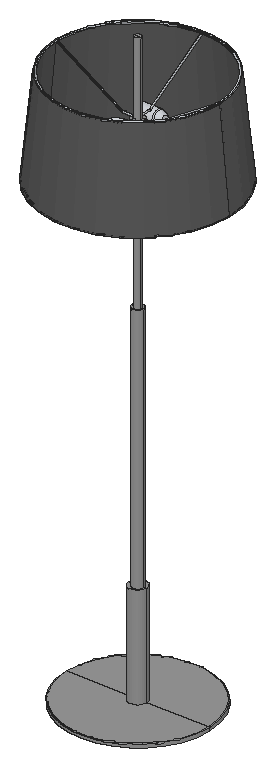
Revit family "Indoor_Floor Lamp_Santa&Cole_Diana-Diana Mayor", category Luminarias, Revit 2018
Family settings
  Cota de conector redondo = Diámetro de uso
  Tipo de pieza = Normal
  Número OmniClass = 23.80.70.00
  Título OmniClass = Lighting
  Se basa en plano de trabajo = No
  Siempre vertical = Sí
  Corte con vacíos al cargar = No
  Origen de luz = Sí
  Compartido = No
  Punto de cálculo de habitación = No
Parameters (values of type "Diana - Black Linen Lampshade with Nickel Structure")
  Visibility_Diana Mayor = no
  Visibility_Diana = yes
  Wattage = 10.2395 W
  Technical Information = "https://www.santacole.com/recursos/productos/downloads/pdf_espec_tecnicas/SC_Diana_pie_data%20sheet.pdf"
  Structure Material = Santa & Cole - Nickel
  Second Bulb = Bulb : 1521 lm
  built-in parameter 1150110 = 1 (stored number, unit not read)
  URL = "https://www.santacole.com/en/catalogue/floor-lamps/diana-diana-mayor"
  Manufacturer website = "http://www.santacole.com"
  Light Source Elevation = 1264 mm
  Lampshade Material = Santa & Cole - Black Linen
  built-in parameter 1114217 = 1 (stored number, unit not read)
  built-in parameter 1150109 = 1 (stored number, unit not read)
  Energy Label = "https://www.santacole.com/recursos/productos/downloads/pdf_energy_label/Energy%20Label_DIANA_without_bulb.pdf"
  Designed by = "Federico Correa, Alfonso Milá, Miguel Milá. 1995"
  Contact phone = "+34.938.619.100"
  Contact e-mail = "info@santacole.com"
  built-in parameter 1150134 = (empty or 0)
  built-in parameter 1150113 = 1 (stored number, unit not read)
  Modelo = "Diana"
  Fabricante = "Santa & Cole"
  Lumens = 1521 lm
  built-in parameter 1150115 = 1 (stored number, unit not read)
  built-in parameter 1150105 = 121.04 (stored number, unit not read)
  Load = 12 W
  Tamaño de símbolo de origen de luz = 50 mm  # constant formula
  built-in parameter 1150137 = (empty or 0)
  built-in parameter 1150139 = (empty or 0)
  built-in parameter 1150112 = 1 (stored number, unit not read)
  built-in parameter 1150114 = 1 (stored number, unit not read)
  Lamp = ""
  built-in parameter 1150132 = 2
  built-in parameter 1150102 = (empty or 0)
  built-in parameter 1150138 = (empty or 0)
  built-in parameter 1150107 = 2700 (stored number, unit not read)
  built-in parameter 1150106 = 1.2104 (stored number, unit not read)
  built-in parameter 1150104 = 13.8 (stored number, unit not read)
  Code = "DIA21/DIA213+DIAMx"
  Dimming Lamp Color Temperature Shift = (empty or 0)
  Color Filter = 16777215
  built-in parameter 1114218 = 1 (stored number, unit not read)
  Assembly instructions - UL = "https://www.santacole.com/recursos/productos/downloads/pdf_montaje/DIANA_Pie_im_UL.pdf"
  Assembly instructions - CE = "https://www.santacole.com/recursos/productos/downloads/pdf_montaje/DIANA_Pie_im.pdf"
  built-in parameter 1150133 = 10 (stored number, unit not read)
  Apparent Load = 12 VA
Types (8, lengths in mm): name | Visibility_Diana Mayor | Visibility_Diana | Structure Material | Light Source Elevation | Lampshade Material | Code
  Diana - Black Linen Lampshade with Brass Structure | no | yes | Santa & Cole - Brass | 1264 | Santa & Cole - Black Linen | "DIA31/DIA313+DIAGx"
  Diana - Black Linen Lampshade with Nickel Structure | no | yes | Santa & Cole - Nickel | 1264 | Santa & Cole - Black Linen | "DIA21/DIA213+DIAMx"
  Diana - White Linen Lampshade with Nickel Structure | no | yes | Santa & Cole - Nickel | 1264 | Santa & Cole - White Linen | "DIA21/DIA213+DIAMx"
  Diana - White Linen Lampshade with Brass Structure | no | yes | Santa & Cole - Brass | 1264 | Santa & Cole - White Linen | "DIA21/DIA213+DIAMx"
  Diana Mayor - White Linen Lampshade with Brass Structure | yes | no | Santa & Cole - Brass | 1552 | Santa & Cole - White Linen | "DIA31/DIA313+DIAGx"
  Diana Mayor - White Linen Lampshade with Nickel Structure | yes | no | Santa & Cole - Nickel | 1552 | Santa & Cole - White Linen | "DIA31/DIA313+DIAGx"
  Diana Mayor - Black Linen Lampshade with Brass Structure | yes | no | Santa & Cole - Brass | 1552 | Santa & Cole - Black Linen | "DIA31/DIA313+DIAGx"
  Diana Mayor - Black Linen Lampshade with Nickel Structure | yes | no | Santa & Cole - Nickel | 1552 | Santa & Cole - Black Linen | "DIA31/DIA313+DIAGx"
Reference planes
  plane 1 "Light Source Axis (F/B)": y = 0
  plane 2: z = 0
  plane 3 "Light Source Axis (L/R)": x = 0
  plane 4 "Light Source Elevation": z = 1264
  plane 5 "Bombillas": z = 1263.765
  plane 6 "Bombilla 2": z = 1551.5
  plane 7 "Bombillas": z = 1263.765
  plane 8 "Bombilla 2": z = 1551.5
Forms (mm)
  Revolve 1, solid, material "Santa & Cole - Nickel" <- "Structure Material", visible <- "Visibility_Diana"
    sketch origin (0, 0, 0) x (1, 0, 0) y (0, 0, 1)
      loop
        arc (-174.291, 9) -> (-175.069, 8.678) -> (-175.391, 7.9) r 1.1
        line (-175.391, 7.9) -> (-175.391, 0) -> (0, 0) -> (0, 1464.015) -> (-7.987, 1464.015) -> (-7.987, 1284.013) -> (-15.982, 1284.013) -> (-15.982, 1214.512) -> (-7.661, 1214.512) -> (-7.661, 869.509) -> (-14.129, 869.509) -> (-14.129, 259.503) -> (-21.64, 259.503) -> (-21.64, 9) -> (-174.291, 9)
      axis (0, 0) -> (0, 1464.015)
    angle from 0 to 360
  Sweep 2, solid, visible <- "Visibility_Diana"
    path origin (0, 0, 0) x (1, 0, 0) y (0, 0, 1)
      loop
        line (10.251, 1284.013) -> (35.142, 1284.013)
        arc (35.142, 1284.013) -> (36.904, 1284.259) -> (38.532, 1284.977) r 6.442
        line (38.532, 1284.977) -> (197.127, 1383.126)
    profile origin (22.696, 0, 1284.013) x (0, 0, 1) y (0, -1, 0)
      loop
        circle (1.5, 0) r 1.5
  Sweep 3, solid, visible <- "Visibility_Diana"
    path origin (0, 0, 0) x (0, 1, 0) y (0, 0, 1)
      loop
        line (10.251, 1284.013) -> (35.142, 1284.013)
        arc (35.142, 1284.013) -> (36.904, 1284.259) -> (38.532, 1284.977) r 6.442
        line (38.532, 1284.977) -> (197.127, 1383.126)
    profile origin (0, 22.696, 1284.013) x (0, 0, 1) y (1, 0, 0)
      loop
        circle (1.5, 0) r 1.5
  Sweep 4, solid, visible <- "Visibility_Diana"
    path origin (0, 0, 0) x (-1, 0, 0) y (0, 0, 1)
      loop
        line (10.251, 1284.013) -> (35.142, 1284.013)
        arc (35.142, 1284.013) -> (36.904, 1284.259) -> (38.532, 1284.977) r 6.442
        line (38.532, 1284.977) -> (197.127, 1383.126)
    profile origin (-22.696, 0, 1284.013) x (0, 0, 1) y (0, 1, 0)
      loop
        circle (1.5, 0) r 1.5
  Sweep 5, solid, visible <- "Visibility_Diana"
    path origin (0, 0, 0) x (0, -1, 0) y (0, 0, 1)
      loop
        line (10.251, 1284.013) -> (35.142, 1284.013)
        arc (35.142, 1284.013) -> (36.904, 1284.259) -> (38.532, 1284.977) r 6.442
        line (38.532, 1284.977) -> (197.127, 1383.126)
    profile origin (0, -22.696, 1284.013) x (0, 0, 1) y (-1, 0, 0)
      loop
        circle (1.5, 0) r 1.5
  Revolve 6, solid, visible <- "Visibility_Diana"
    sketch origin (0, 0, 0) x (1, 0, 0) y (0, 0, 1)
      loop
        circle (198, 1385.514) r 2
      loop
        circle (222.998, 1149.512) r 2
      axis (0, 1149.512) -> (0, 1385.514)
    angle from 0 to 360
  Revolve 7, solid, material "Santa & Cole - Black Linen" <- "Lampshade Material", visible <- "Visibility_Diana"
    sketch origin (0, 0, 0) x (1, 0, 0) y (0, 0, 1)
      loop
        line (199.788, 1387.514) -> (225.21, 1147.512) -> (226.01, 1147.512) -> (200.588, 1387.514) -> (199.788, 1387.514)
      axis (0, 1147.512) -> (0, 1387.514)
    angle from 0 to 360
  Revolve 8, solid, visible <- "Visibility_Diana"
    sketch origin (0, 0, 1263.765) x (-1, 0, 0) y (0, -1, 0)
      loop
        line (34.5, -71.624) -> (34.5, -52.5) -> (-23.5, -52.5) -> (-23.5, -62.802)
        arc (-23.5, -62.802) -> (-17.054, -67.973) -> (-9, -69.821) r 18.495
        line (-9, -69.821) -> (-7.8, -71.624) -> (34.5, -71.624)
      axis (-23.5, -52.5) -> (34.5, -52.5)
    angle from 0 to 360
  Sweep 9, solid, visible <- "Visibility_Diana"
    path origin (0, 0, 1263.765) x (-1, 0, 0) y (0, -1, 0)
      loop
        line (-12.991, 5.085) -> (-32.491, 5.085)
        arc (-32.491, 5.085) -> (-63.781, -26.205) -> (-32.491, -57.495) r 31.29
        line (-32.491, -57.495) -> (-13.452, -57.495)
    profile origin (22.741, -5.085, 1263.765) x (0, 1, 0) y (0, 0, 1)
      loop
        circle (5, 0) r 5
  Revolve 10, solid, visible <- "Visibility_Diana"
    sketch origin (0, 0, 1263.765) x (1, 0, 0) y (0, 1, 0)
      loop
        line (34.5, -71.624) -> (34.5, -52.5) -> (-23.5, -52.5) -> (-23.5, -62.802)
        arc (-23.5, -62.802) -> (-17.054, -67.973) -> (-9, -69.821) r 18.495
        line (-9, -69.821) -> (-7.8, -71.624) -> (34.5, -71.624)
      axis (-23.5, -52.5) -> (34.5, -52.5)
    angle from 0 to 360
  Sweep 11, solid, visible <- "Visibility_Diana"
    path origin (0, 0, 1263.765) x (1, 0, 0) y (0, 1, 0)
      loop
        line (-12.991, 5.085) -> (-32.491, 5.085)
        arc (-32.491, 5.085) -> (-63.781, -26.205) -> (-32.491, -57.495) r 31.29
        line (-32.491, -57.495) -> (-13.452, -57.495)
    profile origin (-22.741, 5.085, 1263.765) x (0, -1, 0) y (0, 0, 1)
      loop
        circle (5, 0) r 5
  Revolve 12, solid, material "Santa & Cole - Nickel" <- "Structure Material", visible <- "Visibility_Diana Mayor"
    sketch origin (0, 0, 0) x (1, 0, 0) y (0, 0, 1)
      loop
        line (-200, 9) -> (-200, 0) -> (0, 0) -> (0, 1823) -> (-8, 1823) -> (-8, 1573) -> (-16, 1573) -> (-16, 1502.5) -> (-8, 1502.5) -> (-8, 1157.5) -> (-15, 1157.5) -> (-15, 409.5) -> (-22.5, 409.5) -> (-22.5, 9) -> (-200, 9)
      axis (0, 1823) -> (0, 0)
    angle from 0 to 360
  Sweep 13, solid, visible <- "Visibility_Diana Mayor"
    path origin (0, 0, 0) x (1, 0, 0) y (0, 0, 1)
      loop
        line (261.865, 1719.651) -> (38.803, 1574.057)
        arc (38.803, 1574.057) -> (37.103, 1573.27) -> (35.25, 1573) r 6.5
        line (35.25, 1573) -> (10.255, 1573)
    profile origin (22.753, 0, 1573) x (0, 0, -1) y (0, -1, 0)
      loop
        circle (-1.5, 0) r 1.5
  Sweep 14, solid, visible <- "Visibility_Diana Mayor"
    path origin (0, 0, 0) x (0, 1, 0) y (0, 0, 1)
      loop
        line (261.865, 1719.651) -> (38.803, 1574.057)
        arc (38.803, 1574.057) -> (37.103, 1573.27) -> (35.25, 1573) r 6.5
        line (35.25, 1573) -> (10.255, 1573)
    profile origin (0, 22.753, 1573) x (0, 0, -1) y (1, 0, 0)
      loop
        circle (-1.5, 0) r 1.5
  Sweep 15, solid, visible <- "Visibility_Diana Mayor"
    path origin (0, 0, 0) x (-1, 0, 0) y (0, 0, 1)
      loop
        line (261.865, 1719.651) -> (38.803, 1574.057)
        arc (38.803, 1574.057) -> (37.103, 1573.27) -> (35.25, 1573) r 6.5
        line (35.25, 1573) -> (10.255, 1573)
    profile origin (-22.753, 0, 1573) x (0, 0, -1) y (0, 1, 0)
      loop
        circle (-1.5, 0) r 1.5
  Sweep 16, solid, visible <- "Visibility_Diana Mayor"
    path origin (0, 0, 0) x (0, -1, 0) y (0, 0, 1)
      loop
        line (261.865, 1719.651) -> (38.803, 1574.057)
        arc (38.803, 1574.057) -> (37.103, 1573.27) -> (35.25, 1573) r 6.5
        line (35.25, 1573) -> (10.255, 1573)
    profile origin (0, -22.753, 1573) x (0, 0, -1) y (-1, 0, 0)
      loop
        circle (-1.5, 0) r 1.5
  Revolve 17, solid, visible <- "Visibility_Diana Mayor"
    sketch origin (0, 0, 0) x (1, 0, 0) y (0, 0, 1)
      loop
        circle (287, 1416) r 2
      loop
        circle (262, 1722) r 2
      axis (0, 1722) -> (0, 1416)
    angle from 0 to 360
  Revolve 18, solid, material "Santa & Cole - Black Linen" <- "Lampshade Material", visible <- "Visibility_Diana Mayor"
    sketch origin (0, 0, 0) x (1, 0, 0) y (0, 0, 1)
      loop
        line (263.837, 1724) -> (289.163, 1414) -> (289.963, 1414) -> (264.637, 1724) -> (263.837, 1724)
      axis (0, 1724) -> (0, 1414)
    angle from 0 to 360
  Revolve 19, solid, visible <- "Visibility_Diana Mayor"
    sketch origin (0, 0, 1551.5) x (-1, 0, 0) y (0, -1, 0)
      loop
        line (34.5, -71.624) -> (34.5, -52.5) -> (-23.5, -52.5) -> (-23.5, -62.802)
        arc (-23.5, -62.802) -> (-17.054, -67.973) -> (-9, -69.821) r 18.495
        line (-9, -69.821) -> (-7.8, -71.624) -> (34.5, -71.624)
      axis (-23.5, -52.5) -> (34.5, -52.5)
    angle from 0 to 360
  Sweep 20, solid, visible <- "Visibility_Diana Mayor"
    path origin (0, 0, 1551.5) x (-1, 0, 0) y (0, -1, 0)
      loop
        line (-12.991, 5.085) -> (-32.491, 5.085)
        arc (-32.491, 5.085) -> (-63.781, -26.205) -> (-32.491, -57.495) r 31.29
        line (-32.491, -57.495) -> (-13.452, -57.495)
    profile origin (22.741, -5.085, 1551.5) x (0, 1, 0) y (0, 0, 1)
      loop
        circle (5, 0) r 5
  Revolve 21, solid, visible <- "Visibility_Diana Mayor"
    sketch origin (0, 0, 1551.5) x (-1, 0, 0) y (0, -1, 0)
      loop
        line (-34.5, 71.624) -> (-34.5, 52.5) -> (23.5, 52.5) -> (23.5, 62.802)
        arc (23.5, 62.802) -> (17.054, 67.973) -> (9, 69.821) r 18.495
        line (9, 69.821) -> (7.8, 71.624) -> (-34.5, 71.624)
      axis (23.5, 52.5) -> (-34.5, 52.5)
    angle from 0 to 360
  Sweep 22, solid, visible <- "Visibility_Diana Mayor"
    path origin (0, 0, 1551.5) x (-1, 0, 0) y (0, -1, 0)
      loop
        line (12.991, -5.085) -> (32.491, -5.085)
        arc (32.491, -5.085) -> (63.781, 26.205) -> (32.491, 57.495) r 31.29
        line (32.491, 57.495) -> (13.452, 57.495)
    profile origin (-22.741, 5.085, 1551.5) x (0, -1, 0) y (0, 0, 1)
      loop
        circle (5, 0) r 5
  Sweep 23, solid, visible <- "Visibility_Diana Mayor", not visible
    path origin (0, 0, 0) x (1, 0, 0) y (0, 0, 1)
      loop
        line (261.865, 1719.651) -> (38.803, 1574.057)
        arc (38.803, 1574.057) -> (37.103, 1573.27) -> (35.25, 1573) r 6.5
        line (35.25, 1573) -> (10.255, 1573)
    profile origin (22.753, 0, 1573) x (0, 0, -1) y (0, -1, 0)
      loop
        circle (-1.5, 0) r 1.5
  Sweep 24, solid, visible <- "Visibility_Diana", not visible
    path origin (0, 0, 0) x (1, 0, 0) y (0, 0, 1)
      loop
        line (10.251, 1284.013) -> (35.142, 1284.013)
        arc (35.142, 1284.013) -> (36.904, 1284.259) -> (38.532, 1284.977) r 6.442
        line (38.532, 1284.977) -> (197.127, 1383.126)
    profile origin (22.696, 0, 1284.013) x (0, 0, 1) y (0, -1, 0)
      loop
        circle (1.5, 0) r 1.5
  Revolve 25, solid, material "Santa & Cole - Nickel" <- "Structure Material", visible <- "Visibility_Diana", not visible
    sketch origin (0, 0, 0) x (1, 0, 0) y (0, 0, 1)
      loop
        arc (-174.291, 9) -> (-175.069, 8.678) -> (-175.391, 7.9) r 1.1
        line (-175.391, 7.9) -> (-175.391, 0) -> (0, 0) -> (0, 1464.015) -> (-7.987, 1464.015) -> (-7.987, 1284.013) -> (-15.982, 1284.013) -> (-15.982, 1214.512) -> (-7.661, 1214.512) -> (-7.661, 869.509) -> (-14.129, 869.509) -> (-14.129, 259.503) -> (-21.64, 259.503) -> (-21.64, 9) -> (-174.291, 9)
      axis (0, 0) -> (0, 1464.015)
    angle from 0 to 360
  Sweep 26, solid, visible <- "Visibility_Diana", not visible
    path origin (0, 0, 0) x (1, 0, 0) y (0, 0, 1)
      loop
        line (10.251, 1284.013) -> (35.142, 1284.013)
        arc (35.142, 1284.013) -> (36.904, 1284.259) -> (38.532, 1284.977) r 6.442
        line (38.532, 1284.977) -> (197.127, 1383.126)
    profile origin (22.696, 0, 1284.013) x (0, 0, 1) y (0, -1, 0)
      loop
        circle (1.5, 0) r 1.5
  Sweep 27, solid, visible <- "Visibility_Diana", not visible
    path origin (0, 0, 0) x (0, 1, 0) y (0, 0, 1)
      loop
        line (10.251, 1284.013) -> (35.142, 1284.013)
        arc (35.142, 1284.013) -> (36.904, 1284.259) -> (38.532, 1284.977) r 6.442
        line (38.532, 1284.977) -> (197.127, 1383.126)
    profile origin (0, 22.696, 1284.013) x (0, 0, 1) y (1, 0, 0)
      loop
        circle (1.5, 0) r 1.5
  Sweep 28, solid, visible <- "Visibility_Diana", not visible
    path origin (0, 0, 0) x (-1, 0, 0) y (0, 0, 1)
      loop
        line (10.251, 1284.013) -> (35.142, 1284.013)
        arc (35.142, 1284.013) -> (36.904, 1284.259) -> (38.532, 1284.977) r 6.442
        line (38.532, 1284.977) -> (197.127, 1383.126)
    profile origin (-22.696, 0, 1284.013) x (0, 0, 1) y (0, 1, 0)
      loop
        circle (1.5, 0) r 1.5
  Sweep 29, solid, visible <- "Visibility_Diana", not visible
    path origin (0, 0, 0) x (0, -1, 0) y (0, 0, 1)
      loop
        line (10.251, 1284.013) -> (35.142, 1284.013)
        arc (35.142, 1284.013) -> (36.904, 1284.259) -> (38.532, 1284.977) r 6.442
        line (38.532, 1284.977) -> (197.127, 1383.126)
    profile origin (0, -22.696, 1284.013) x (0, 0, 1) y (-1, 0, 0)
      loop
        circle (1.5, 0) r 1.5
  Revolve 30, solid, visible <- "Visibility_Diana", not visible
    sketch origin (0, 0, 0) x (1, 0, 0) y (0, 0, 1)
      loop
        circle (198, 1385.514) r 2
      loop
        circle (222.998, 1149.512) r 2
      axis (0, 1149.512) -> (0, 1385.514)
    angle from 0 to 360
  Revolve 31, solid, material "Santa & Cole - Black Linen" <- "Lampshade Material", visible <- "Visibility_Diana", not visible
    sketch origin (0, 0, 0) x (1, 0, 0) y (0, 0, 1)
      loop
        line (199.788, 1387.514) -> (225.21, 1147.512) -> (226.01, 1147.512) -> (200.588, 1387.514) -> (199.788, 1387.514)
      axis (0, 1147.512) -> (0, 1387.514)
    angle from 0 to 360
  Revolve 32, solid, visible <- "Visibility_Diana", not visible
    sketch origin (0, 0, 1263.765) x (-1, 0, 0) y (0, -1, 0)
      loop
        line (34.5, -71.624) -> (34.5, -52.5) -> (-23.5, -52.5) -> (-23.5, -62.802)
        arc (-23.5, -62.802) -> (-17.054, -67.973) -> (-9, -69.821) r 18.495
        line (-9, -69.821) -> (-7.8, -71.624) -> (34.5, -71.624)
      axis (-23.5, -52.5) -> (34.5, -52.5)
    angle from 0 to 360
  Sweep 33, solid, visible <- "Visibility_Diana", not visible
    path origin (0, 0, 1263.765) x (-1, 0, 0) y (0, -1, 0)
      loop
        line (-12.991, 5.085) -> (-32.491, 5.085)
        arc (-32.491, 5.085) -> (-63.781, -26.205) -> (-32.491, -57.495) r 31.29
        line (-32.491, -57.495) -> (-13.452, -57.495)
    profile origin (22.741, -5.085, 1263.765) x (0, 1, 0) y (0, 0, 1)
      loop
        circle (5, 0) r 5
  Revolve 34, solid, visible <- "Visibility_Diana", not visible
    sketch origin (0, 0, 1263.765) x (1, 0, 0) y (0, 1, 0)
      loop
        line (34.5, -71.624) -> (34.5, -52.5) -> (-23.5, -52.5) -> (-23.5, -62.802)
        arc (-23.5, -62.802) -> (-17.054, -67.973) -> (-9, -69.821) r 18.495
        line (-9, -69.821) -> (-7.8, -71.624) -> (34.5, -71.624)
      axis (-23.5, -52.5) -> (34.5, -52.5)
    angle from 0 to 360
  Sweep 35, solid, visible <- "Visibility_Diana", not visible
    path origin (0, 0, 1263.765) x (1, 0, 0) y (0, 1, 0)
      loop
        line (-12.991, 5.085) -> (-32.491, 5.085)
        arc (-32.491, 5.085) -> (-63.781, -26.205) -> (-32.491, -57.495) r 31.29
        line (-32.491, -57.495) -> (-13.452, -57.495)
    profile origin (-22.741, 5.085, 1263.765) x (0, -1, 0) y (0, 0, 1)
      loop
        circle (5, 0) r 5
  Revolve 36, solid, material "Santa & Cole - Nickel" <- "Structure Material", visible <- "Visibility_Diana Mayor", not visible
    sketch origin (0, 0, 0) x (1, 0, 0) y (0, 0, 1)
      loop
        line (-200, 9) -> (-200, 0) -> (0, 0) -> (0, 1823) -> (-8, 1823) -> (-8, 1573) -> (-16, 1573) -> (-16, 1502.5) -> (-8, 1502.5) -> (-8, 1157.5) -> (-15, 1157.5) -> (-15, 409.5) -> (-22.5, 409.5) -> (-22.5, 9) -> (-200, 9)
      axis (0, 1823) -> (0, 0)
    angle from 0 to 360
  Sweep 37, solid, visible <- "Visibility_Diana Mayor", not visible
    path origin (0, 0, 0) x (1, 0, 0) y (0, 0, 1)
      loop
        line (261.865, 1719.651) -> (38.803, 1574.057)
        arc (38.803, 1574.057) -> (37.103, 1573.27) -> (35.25, 1573) r 6.5
        line (35.25, 1573) -> (10.255, 1573)
    profile origin (22.753, 0, 1573) x (0, 0, -1) y (0, -1, 0)
      loop
        circle (-1.5, 0) r 1.5
  Sweep 38, solid, visible <- "Visibility_Diana Mayor", not visible
    path origin (0, 0, 0) x (0, 1, 0) y (0, 0, 1)
      loop
        line (261.865, 1719.651) -> (38.803, 1574.057)
        arc (38.803, 1574.057) -> (37.103, 1573.27) -> (35.25, 1573) r 6.5
        line (35.25, 1573) -> (10.255, 1573)
    profile origin (0, 22.753, 1573) x (0, 0, -1) y (1, 0, 0)
      loop
        circle (-1.5, 0) r 1.5
  Sweep 39, solid, visible <- "Visibility_Diana Mayor", not visible
    path origin (0, 0, 0) x (-1, 0, 0) y (0, 0, 1)
      loop
        line (261.865, 1719.651) -> (38.803, 1574.057)
        arc (38.803, 1574.057) -> (37.103, 1573.27) -> (35.25, 1573) r 6.5
        line (35.25, 1573) -> (10.255, 1573)
    profile origin (-22.753, 0, 1573) x (0, 0, -1) y (0, 1, 0)
      loop
        circle (-1.5, 0) r 1.5
  Sweep 40, solid, visible <- "Visibility_Diana Mayor", not visible
    path origin (0, 0, 0) x (0, -1, 0) y (0, 0, 1)
      loop
        line (261.865, 1719.651) -> (38.803, 1574.057)
        arc (38.803, 1574.057) -> (37.103, 1573.27) -> (35.25, 1573) r 6.5
        line (35.25, 1573) -> (10.255, 1573)
    profile origin (0, -22.753, 1573) x (0, 0, -1) y (-1, 0, 0)
      loop
        circle (-1.5, 0) r 1.5
  Revolve 41, solid, visible <- "Visibility_Diana Mayor", not visible
    sketch origin (0, 0, 0) x (1, 0, 0) y (0, 0, 1)
      loop
        circle (287, 1416) r 2
      loop
        circle (262, 1722) r 2
      axis (0, 1722) -> (0, 1416)
    angle from 0 to 360
  Revolve 42, solid, material "Santa & Cole - Black Linen" <- "Lampshade Material", visible <- "Visibility_Diana Mayor", not visible
    sketch origin (0, 0, 0) x (1, 0, 0) y (0, 0, 1)
      loop
        line (263.837, 1724) -> (289.163, 1414) -> (289.963, 1414) -> (264.637, 1724) -> (263.837, 1724)
      axis (0, 1724) -> (0, 1414)
    angle from 0 to 360
  Revolve 43, solid, visible <- "Visibility_Diana Mayor", not visible
    sketch origin (0, 0, 1551.5) x (-1, 0, 0) y (0, -1, 0)
      loop
        line (34.5, -71.624) -> (34.5, -52.5) -> (-23.5, -52.5) -> (-23.5, -62.802)
        arc (-23.5, -62.802) -> (-17.054, -67.973) -> (-9, -69.821) r 18.495
        line (-9, -69.821) -> (-7.8, -71.624) -> (34.5, -71.624)
      axis (-23.5, -52.5) -> (34.5, -52.5)
    angle from 0 to 360
  Sweep 44, solid, visible <- "Visibility_Diana Mayor", not visible
    path origin (0, 0, 1551.5) x (-1, 0, 0) y (0, -1, 0)
      loop
        line (-12.991, 5.085) -> (-32.491, 5.085)
        arc (-32.491, 5.085) -> (-63.781, -26.205) -> (-32.491, -57.495) r 31.29
        line (-32.491, -57.495) -> (-13.452, -57.495)
    profile origin (22.741, -5.085, 1551.5) x (0, 1, 0) y (0, 0, 1)
      loop
        circle (5, 0) r 5
  Revolve 45, solid, visible <- "Visibility_Diana Mayor", not visible
    sketch origin (0, 0, 1551.5) x (-1, 0, 0) y (0, -1, 0)
      loop
        line (-34.5, 71.624) -> (-34.5, 52.5) -> (23.5, 52.5) -> (23.5, 62.802)
        arc (23.5, 62.802) -> (17.054, 67.973) -> (9, 69.821) r 18.495
        line (9, 69.821) -> (7.8, 71.624) -> (-34.5, 71.624)
      axis (23.5, 52.5) -> (-34.5, 52.5)
    angle from 0 to 360
  Sweep 46, solid, visible <- "Visibility_Diana Mayor", not visible
    path origin (0, 0, 1551.5) x (-1, 0, 0) y (0, -1, 0)
      loop
        line (12.991, -5.085) -> (32.491, -5.085)
        arc (32.491, -5.085) -> (63.781, 26.205) -> (32.491, 57.495) r 31.29
        line (32.491, 57.495) -> (13.452, 57.495)
    profile origin (-22.741, 5.085, 1551.5) x (0, -1, 0) y (0, 0, 1)
      loop
        circle (5, 0) r 5
Lines and regions (mm)
  model lines, style "Predeterminado", not visible
    curve 1: line (0, -3.75, 375) -> (0, 3.75, 375)
    curve 2: line (0, 3.75, 375) -> (0, -3.75, 375)
    curve 3: line (0, 15, 86.75) -> (0, -15, 86.75)
    curve 4: line (0, -10, 65) -> (0, -15, 82.176)
    curve 5: line (0, -10, 25) -> (0, -10, 65)
    curve 6: line (0, 6.344, 17.27) -> (0, 10, 25)
    curve 7: line (0, -1.951, 15.192) -> (0, 6.344, 17.27)
    curve 8: line (0, -10, 25) -> (0, -1.951, 15.192)
    curve 9: line (0, 10, 25) -> (0, 10, 65)
    curve 10: line (0, 15, 82.176) -> (0, 10, 65)
    curve 11: line (0, 15, 86.75) -> (0, -15, 86.75)
  model lines
    curve 12: line (-13.007, -3.971, 0) -> (-13.007, 3.971, 0)
    curve 13: line (32.5, 57.5, 1263.765) -> (34.177, 58.719, 1263.765)
  model lines, not visible
    curve 14: line (-13.007, -3.971, 0) -> (-13.007, 3.971, 0)
    curve 15: line (32.5, 57.5, 1263.765) -> (34.177, 58.719, 1263.765)
Dimensions and locks
  "Light Source Elevation": plane 4 "Light Source Elevation" to plane 2
  aligned and locked: plane 4 "Light Source Elevation" to imposter light
  aligned and locked: level to plane 2
Automatic sketch dimensions
  Revolve 1 sketch curve to plane 5 "Bombillas" = 1263.765 mm
  Revolve 1 sketch curve to Revolve 1 sketch curve = 1.1 mm
  Revolve 1 sketch curve to Revolve 1 sketch curve = 152.651 mm
  plane 5 "Bombillas" to Revolve 1 sketch curve = 20.248 mm
  Revolve 1 sketch curve to Revolve 1 sketch curve = 5.658 mm
  Revolve 1 sketch curve to Revolve 1 sketch curve = 1.853 mm
  Revolve 1 sketch curve to Revolve 1 sketch curve = 7.994 mm
  Revolve 1 sketch curve to Revolve 1 sketch curve = 8.321 mm
  Revolve 1 sketch curve to Revolve 1 sketch curve = 7.987 mm
  Revolve 1 sketch curve to Revolve 1 sketch curve = 7.9 mm
  Revolve 1 sketch curve to Revolve 1 sketch curve = 250.503 mm
  Revolve 1 sketch curve to plane 5 "Bombillas" = 394.256 mm
  Revolve 1 sketch curve to plane 5 "Bombillas" = 49.253 mm
  Revolve 1 sketch curve to plane 6 "Bombilla 2" = 87.485 mm
  Revolve 1 sketch curve to Revolve 1 sketch curve = 7.661 mm
  Revolve 1 sketch curve to Revolve 1 sketch curve = 165.691 mm
  plane 6 "Bombilla 2" to Revolve 1 sketch curve = 93.3 mm
  plane 5 "Bombillas" to Revolve 6 sketch curve = 121.749 mm
  Revolve 6 sketch curve to plane 5 "Bombillas" = 114.254 mm
  Revolve 6 sketch curve to Revolve 6 sketch curve = 24.998 mm
  Revolve 6 sketch curve to Revolve 6 sketch curve = 222.998 mm
  Revolve 6 sketch curve to plane 5 "Bombillas" = 228.565 mm
  plane 6 "Bombilla 2" to Revolve 6 sketch curve = 93.3 mm
  plane 5 "Bombillas" to Revolve 7 sketch curve = 123.749 mm
  Revolve 7 sketch curve to Revolve 7 sketch curve = 0.8 mm  (x2)
  Revolve 7 sketch curve to plane 5 "Bombillas" = 116.254 mm
  Revolve 7 sketch curve to Revolve 7 sketch curve = 24.621 mm
  plane 6 "Bombilla 2" to Revolve 7 sketch curve = 93.3 mm
  Revolve 7 sketch curve to Revolve 7 sketch curve = 199.788 mm
  Revolve 7 sketch curve to plane 5 "Bombillas" = 228.565 mm
  Revolve 8 sketch curve to Revolve 8 sketch curve = 14.5 mm
  Revolve 8 sketch curve to Revolve 8 sketch curve = 14.505 mm
  Revolve 8 sketch curve to Revolve 8 sketch curve = 1.2 mm
  Revolve 8 sketch curve to Revolve 8 sketch curve = 43.495 mm
  Revolve 8 sketch curve to Revolve 8 sketch curve = 1.803 mm
  Revolve 8 sketch curve to Revolve 8 sketch curve = 7.02 mm
  Revolve 8 sketch curve to Revolve 8 sketch curve = 19.124 mm
  Revolve 8 sketch curve to Revolve 8 sketch curve = 0 mm  (x2)
  Revolve 8 sketch curve to Revolve 8 sketch curve = 18.637 mm
  Sweep 9 sketch curve to Sweep 9 sketch curve = 31.29 mm
  Sweep 9 sketch curve to Sweep 9 sketch curve = 19.039 mm
  Sweep 9 sketch curve to Sweep 9 sketch curve = 19.5 mm
  Sweep 9 sketch curve to plane 5 "Bombillas" = 0 mm
  Sweep 9 sketch curve to profile plane = 5 mm
  Revolve 10 sketch curve to Revolve 10 sketch curve = 14.5 mm
  Revolve 10 sketch curve to Revolve 10 sketch curve = 14.505 mm
  Revolve 10 sketch curve to Revolve 10 sketch curve = 1.2 mm
  Revolve 10 sketch curve to Revolve 10 sketch curve = 43.495 mm
  Revolve 10 sketch curve to Revolve 10 sketch curve = 1.803 mm
  Revolve 10 sketch curve to Revolve 10 sketch curve = 7.02 mm
  Revolve 10 sketch curve to Revolve 10 sketch curve = 19.124 mm
  Revolve 10 sketch curve to Revolve 10 sketch curve = 0 mm  (x2)
  Revolve 10 sketch curve to Revolve 10 sketch curve = 18.637 mm
  Sweep 11 sketch curve to Sweep 11 sketch curve = 31.29 mm
  Sweep 11 sketch curve to Sweep 11 sketch curve = 19.039 mm
  Sweep 11 sketch curve to Sweep 11 sketch curve = 19.5 mm
  Sweep 11 sketch curve to plane 5 "Bombillas" = 0 mm
  Sweep 11 sketch curve to profile plane = 5 mm
  Revolve 12 sketch curve to plane 5 "Bombillas" = 1254.765 mm
  Revolve 12 sketch curve to Revolve 12 sketch curve = 177.5 mm
  plane 6 "Bombilla 2" to Revolve 12 sketch curve = 21.5 mm
  Revolve 12 sketch curve to Revolve 12 sketch curve = 6.5 mm
  Revolve 12 sketch curve to Revolve 12 sketch curve = 7.5 mm
  Revolve 12 sketch curve to Revolve 12 sketch curve = 7 mm
  Revolve 12 sketch curve to Revolve 12 sketch curve = 8 mm  (x2)
  Revolve 12 sketch curve to Revolve 12 sketch curve = 9 mm
  Revolve 12 sketch curve to Revolve 12 sketch curve = 400.5 mm
  Revolve 12 sketch curve to plane 5 "Bombillas" = 106.265 mm
  Revolve 12 sketch curve to plane 6 "Bombilla 2" = 49 mm
  Revolve 12 sketch curve to Revolve 12 sketch curve = 250 mm
  Revolve 12 sketch curve to Revolve 12 sketch curve = 0 mm
  Revolve 12 sketch curve to Revolve 12 sketch curve = 271.696 mm
  Revolve 12 sketch curve to Revolve 12 sketch curve = 120.374 mm
  plane 6 "Bombilla 2" to Revolve 17 sketch curve = 170.5 mm
  Revolve 17 sketch curve to plane 6 "Bombilla 2" = 135.5 mm
  Revolve 17 sketch curve to Revolve 17 sketch curve = 25 mm
  Revolve 17 sketch curve to Revolve 17 sketch curve = 287 mm
  Revolve 17 sketch curve to plane 5 "Bombillas" = 1535.461 mm
  plane 6 "Bombilla 2" to Revolve 17 sketch curve = 151.126 mm
  plane 6 "Bombilla 2" to Revolve 18 sketch curve = 172.5 mm
  Revolve 18 sketch curve to Revolve 18 sketch curve = 0.8 mm  (x2)
  Revolve 18 sketch curve to plane 6 "Bombilla 2" = 137.5 mm
  Revolve 18 sketch curve to Revolve 18 sketch curve = 24.527 mm
  Revolve 18 sketch curve to Revolve 18 sketch curve = 289.163 mm
  Revolve 18 sketch curve to plane 5 "Bombillas" = 1535.461 mm
  plane 6 "Bombilla 2" to Revolve 18 sketch curve = 151.126 mm
  Revolve 19 sketch curve to Revolve 19 sketch curve = 14.5 mm
  Revolve 19 sketch curve to Revolve 19 sketch curve = 14.505 mm
  Revolve 19 sketch curve to Revolve 19 sketch curve = 1.2 mm
  Revolve 19 sketch curve to Revolve 19 sketch curve = 43.495 mm
  Revolve 19 sketch curve to Revolve 19 sketch curve = 1.803 mm
  Revolve 19 sketch curve to Revolve 19 sketch curve = 7.02 mm
  Revolve 19 sketch curve to Revolve 19 sketch curve = 19.124 mm
  Revolve 19 sketch curve to Revolve 19 sketch curve = 0 mm  (x2)
  Revolve 19 sketch curve to Revolve 19 sketch curve = 18.637 mm
  Sweep 20 sketch curve to Sweep 20 sketch curve = 31.29 mm
  Sweep 20 sketch curve to Sweep 20 sketch curve = 19.039 mm
  Sweep 20 sketch curve to Sweep 20 sketch curve = 19.5 mm
  Sweep 20 sketch curve to plane 6 "Bombilla 2" = 0 mm
  Sweep 20 sketch curve to profile plane = 5 mm
  Revolve 21 sketch curve to Revolve 21 sketch curve = 42.3 mm
  Revolve 21 sketch curve to Revolve 21 sketch curve = 1.195 mm
  Revolve 21 sketch curve to Revolve 21 sketch curve = 1.2 mm
  Revolve 21 sketch curve to Revolve 21 sketch curve = 14.505 mm
  Revolve 21 sketch curve to Revolve 21 sketch curve = 1.174 mm
  Revolve 21 sketch curve to Revolve 21 sketch curve = 10.302 mm
  Revolve 21 sketch curve to Revolve 21 sketch curve = 19.124 mm
  Revolve 21 sketch curve to Revolve 21 sketch curve = 18.637 mm
  Revolve 21 sketch curve to Revolve 21 sketch curve = 0 mm  (x2)
  Sweep 22 sketch curve to Sweep 22 sketch curve = 31.29 mm
  Sweep 22 sketch curve to Sweep 22 sketch curve = 19.039 mm
  Sweep 22 sketch curve to Sweep 22 sketch curve = 19.5 mm
  Sweep 22 sketch curve to plane 6 "Bombilla 2" = 0 mm
  Sweep 22 sketch curve to profile plane = 5 mm
  Revolve 25 sketch curve to plane 7 "Bombillas" = 1263.765 mm
  Revolve 25 sketch curve to Revolve 25 sketch curve = 1.1 mm
  Revolve 25 sketch curve to Revolve 25 sketch curve = 152.651 mm
  plane 7 "Bombillas" to Revolve 25 sketch curve = 20.248 mm
  Revolve 25 sketch curve to Revolve 25 sketch curve = 5.658 mm
  Revolve 25 sketch curve to Revolve 25 sketch curve = 1.853 mm
  Revolve 25 sketch curve to Revolve 25 sketch curve = 7.994 mm
  Revolve 25 sketch curve to Revolve 25 sketch curve = 8.321 mm
  Revolve 25 sketch curve to Revolve 25 sketch curve = 7.987 mm
  Revolve 25 sketch curve to Revolve 25 sketch curve = 7.9 mm
  Revolve 25 sketch curve to Revolve 25 sketch curve = 250.503 mm
  Revolve 25 sketch curve to plane 7 "Bombillas" = 394.256 mm
  Revolve 25 sketch curve to plane 7 "Bombillas" = 49.253 mm
  Revolve 25 sketch curve to plane 8 "Bombilla 2" = 87.485 mm
  Revolve 25 sketch curve to Revolve 25 sketch curve = 7.661 mm
  Revolve 25 sketch curve to Revolve 25 sketch curve = 165.691 mm
  plane 8 "Bombilla 2" to Revolve 25 sketch curve = 93.3 mm
  plane 7 "Bombillas" to Revolve 30 sketch curve = 121.749 mm
  Revolve 30 sketch curve to plane 7 "Bombillas" = 114.254 mm
  Revolve 30 sketch curve to Revolve 30 sketch curve = 24.998 mm
  Revolve 30 sketch curve to Revolve 30 sketch curve = 222.998 mm
  Revolve 30 sketch curve to plane 7 "Bombillas" = 228.565 mm
  plane 8 "Bombilla 2" to Revolve 30 sketch curve = 93.3 mm
  plane 7 "Bombillas" to Revolve 31 sketch curve = 123.749 mm
  Revolve 31 sketch curve to Revolve 31 sketch curve = 0.8 mm  (x2)
  Revolve 31 sketch curve to plane 7 "Bombillas" = 116.254 mm
  Revolve 31 sketch curve to Revolve 31 sketch curve = 24.621 mm
  plane 8 "Bombilla 2" to Revolve 31 sketch curve = 93.3 mm
  Revolve 31 sketch curve to Revolve 31 sketch curve = 199.788 mm
  Revolve 31 sketch curve to plane 7 "Bombillas" = 228.565 mm
  Revolve 32 sketch curve to Revolve 32 sketch curve = 14.5 mm
  Revolve 32 sketch curve to Revolve 32 sketch curve = 14.505 mm
  Revolve 32 sketch curve to Revolve 32 sketch curve = 1.2 mm
  Revolve 32 sketch curve to Revolve 32 sketch curve = 43.495 mm
  Revolve 32 sketch curve to Revolve 32 sketch curve = 1.803 mm
  Revolve 32 sketch curve to Revolve 32 sketch curve = 7.02 mm
  Revolve 32 sketch curve to Revolve 32 sketch curve = 19.124 mm
  Revolve 32 sketch curve to Revolve 32 sketch curve = 0 mm  (x2)
  Revolve 32 sketch curve to Revolve 32 sketch curve = 18.637 mm
  Sweep 33 sketch curve to Sweep 33 sketch curve = 31.29 mm
  Sweep 33 sketch curve to Sweep 33 sketch curve = 19.039 mm
  Sweep 33 sketch curve to Sweep 33 sketch curve = 19.5 mm
  Sweep 33 sketch curve to plane 7 "Bombillas" = 0 mm
  Sweep 33 sketch curve to profile plane = 5 mm
  Revolve 34 sketch curve to Revolve 34 sketch curve = 14.5 mm
  Revolve 34 sketch curve to Revolve 34 sketch curve = 14.505 mm
  Revolve 34 sketch curve to Revolve 34 sketch curve = 1.2 mm
  Revolve 34 sketch curve to Revolve 34 sketch curve = 43.495 mm
  Revolve 34 sketch curve to Revolve 34 sketch curve = 1.803 mm
  Revolve 34 sketch curve to Revolve 34 sketch curve = 7.02 mm
  Revolve 34 sketch curve to Revolve 34 sketch curve = 19.124 mm
  Revolve 34 sketch curve to Revolve 34 sketch curve = 0 mm  (x2)
  Revolve 34 sketch curve to Revolve 34 sketch curve = 18.637 mm
  Sweep 35 sketch curve to Sweep 35 sketch curve = 31.29 mm
  Sweep 35 sketch curve to Sweep 35 sketch curve = 19.039 mm
  Sweep 35 sketch curve to Sweep 35 sketch curve = 19.5 mm
  Sweep 35 sketch curve to plane 7 "Bombillas" = 0 mm
  Sweep 35 sketch curve to profile plane = 5 mm
  Revolve 36 sketch curve to plane 7 "Bombillas" = 1254.765 mm
  Revolve 36 sketch curve to Revolve 36 sketch curve = 177.5 mm
  plane 8 "Bombilla 2" to Revolve 36 sketch curve = 21.5 mm
  Revolve 36 sketch curve to Revolve 36 sketch curve = 6.5 mm
  Revolve 36 sketch curve to Revolve 36 sketch curve = 7.5 mm
  Revolve 36 sketch curve to Revolve 36 sketch curve = 7 mm
  Revolve 36 sketch curve to Revolve 36 sketch curve = 8 mm  (x2)
  Revolve 36 sketch curve to Revolve 36 sketch curve = 9 mm
  Revolve 36 sketch curve to Revolve 36 sketch curve = 400.5 mm
  Revolve 36 sketch curve to plane 7 "Bombillas" = 106.265 mm
  Revolve 36 sketch curve to plane 8 "Bombilla 2" = 49 mm
  Revolve 36 sketch curve to Revolve 36 sketch curve = 250 mm
  Revolve 36 sketch curve to Revolve 36 sketch curve = 0 mm
  Revolve 36 sketch curve to Revolve 36 sketch curve = 271.696 mm
  Revolve 36 sketch curve to Revolve 36 sketch curve = 120.374 mm
  plane 8 "Bombilla 2" to Revolve 41 sketch curve = 170.5 mm
  Revolve 41 sketch curve to plane 8 "Bombilla 2" = 135.5 mm
  Revolve 41 sketch curve to Revolve 41 sketch curve = 25 mm
  Revolve 41 sketch curve to Revolve 41 sketch curve = 287 mm
  Revolve 41 sketch curve to plane 7 "Bombillas" = 1535.461 mm
  plane 8 "Bombilla 2" to Revolve 41 sketch curve = 151.126 mm
  plane 8 "Bombilla 2" to Revolve 42 sketch curve = 172.5 mm
  Revolve 42 sketch curve to Revolve 42 sketch curve = 0.8 mm  (x2)
  Revolve 42 sketch curve to plane 8 "Bombilla 2" = 137.5 mm
  Revolve 42 sketch curve to Revolve 42 sketch curve = 24.527 mm
  Revolve 42 sketch curve to Revolve 42 sketch curve = 289.163 mm
  Revolve 42 sketch curve to plane 7 "Bombillas" = 1535.461 mm
  plane 8 "Bombilla 2" to Revolve 42 sketch curve = 151.126 mm
  Revolve 43 sketch curve to Revolve 43 sketch curve = 14.5 mm
  Revolve 43 sketch curve to Revolve 43 sketch curve = 14.505 mm
  Revolve 43 sketch curve to Revolve 43 sketch curve = 1.2 mm
  Revolve 43 sketch curve to Revolve 43 sketch curve = 43.495 mm
  Revolve 43 sketch curve to Revolve 43 sketch curve = 1.803 mm
  Revolve 43 sketch curve to Revolve 43 sketch curve = 7.02 mm
  Revolve 43 sketch curve to Revolve 43 sketch curve = 19.124 mm
  Revolve 43 sketch curve to Revolve 43 sketch curve = 0 mm  (x2)
  Revolve 43 sketch curve to Revolve 43 sketch curve = 18.637 mm
  Sweep 44 sketch curve to Sweep 44 sketch curve = 31.29 mm
  Sweep 44 sketch curve to Sweep 44 sketch curve = 19.039 mm
  Sweep 44 sketch curve to Sweep 44 sketch curve = 19.5 mm
  Sweep 44 sketch curve to plane 8 "Bombilla 2" = 0 mm
  Sweep 44 sketch curve to profile plane = 5 mm
  Revolve 45 sketch curve to Revolve 45 sketch curve = 42.3 mm
  Revolve 45 sketch curve to Revolve 45 sketch curve = 1.195 mm
  Revolve 45 sketch curve to Revolve 45 sketch curve = 1.2 mm
  Revolve 45 sketch curve to Revolve 45 sketch curve = 14.505 mm
  Revolve 45 sketch curve to Revolve 45 sketch curve = 1.174 mm
  Revolve 45 sketch curve to Revolve 45 sketch curve = 10.302 mm
  Revolve 45 sketch curve to Revolve 45 sketch curve = 19.124 mm
  Revolve 45 sketch curve to Revolve 45 sketch curve = 18.637 mm
  Revolve 45 sketch curve to Revolve 45 sketch curve = 0 mm  (x2)
  Sweep 46 sketch curve to Sweep 46 sketch curve = 31.29 mm
  Sweep 46 sketch curve to Sweep 46 sketch curve = 19.039 mm
  Sweep 46 sketch curve to Sweep 46 sketch curve = 19.5 mm
  Sweep 46 sketch curve to plane 8 "Bombilla 2" = 0 mm
  Sweep 46 sketch curve to profile plane = 5 mm
  radius of Revolve 6 sketch curve = 2 mm  (x2)
  radius of Sweep 9 sketch curve = 5 mm
  radius of Sweep 11 sketch curve = 5 mm
  radius of Revolve 17 sketch curve = 2 mm  (x2)
  radius of Sweep 20 sketch curve = 5 mm
  radius of Sweep 22 sketch curve = 5 mm
  radius of Revolve 30 sketch curve = 2 mm  (x2)
  radius of Sweep 33 sketch curve = 5 mm
  radius of Sweep 35 sketch curve = 5 mm
  radius of Revolve 41 sketch curve = 2 mm  (x2)
  radius of Sweep 44 sketch curve = 5 mm
  radius of Sweep 46 sketch curve = 5 mm
Nested families
  nested 1: "Bulb" at (67.74, 127.5, 1476.74) x (1, 0, 0) z (0, 0, -1), type <- "Second Bulb", type "1521 lm"
Definition of nested family "Bulb"
  Parameters (values of type "1521 lm")
    Wattage = 10.2395 W
    Technical Information = ""
    built-in parameter 1150110 = 1 (stored number, unit not read)
    URL = ""
    Manufacturer website = ""
    Lamp Material = none
    built-in parameter 1114217 = 1 (stored number, unit not read)
    built-in parameter 1150109 = 1 (stored number, unit not read)
    Energy Label = ""
    Default Elevation = 1219.2 mm
    Designed by = ""
    Contact phone = ""
    Contact e-mail = ""
    built-in parameter 1150134 = (empty or 0)
    built-in parameter 1150113 = 1 (stored number, unit not read)
    Model = ""
    Manufacturer = ""
    Lumens = 1521 lm
    built-in parameter 1150115 = 1 (stored number, unit not read)
    built-in parameter 1150105 = 121.04 (stored number, unit not read)
    Load = 12 W
    Light Source Symbol Size = 50 mm  # constant formula
    built-in parameter 1150137 = (empty or 0)
    built-in parameter 1150139 = (empty or 0)
    built-in parameter 1150112 = 1 (stored number, unit not read)
    built-in parameter 1150114 = 1 (stored number, unit not read)
    Lamp = ""
    built-in parameter 1150132 = 2
    built-in parameter 1150102 = (empty or 0)
    built-in parameter 1150138 = (empty or 0)
    built-in parameter 1150107 = 2700 (stored number, unit not read)
    built-in parameter 1150106 = 1.2104 (stored number, unit not read)
    built-in parameter 1150104 = 13.8 (stored number, unit not read)
    Code = ""
    Dimming Lamp Color Temperature Shift = (empty or 0)
    Color Filter = 16777215
    built-in parameter 1114218 = 1 (stored number, unit not read)
    Assembly instructions - UL = ""
    Assembly instructions - CE = ""
    built-in parameter 1150133 = 10 (stored number, unit not read)
    Apparent Load = 12 VA
  Types (2, lengths in mm): name | Wattage | Lumens | built-in parameter 1150105 | Load | built-in parameter 1150106 | Apparent Load
    1521 lm | 10.2395 W | 1521 lm | 121.04 (stored number, unit not read) | 12 W | 1.2104 (stored number, unit not read) | 12 VA
    470 lm | 3.16409 W | 470 lm | 37.401 (stored number, unit not read) | 4.5 W | 0.37401 (stored number, unit not read) | 4.5 VA
  Reference planes
    plane 1 "Light Source Axis (F/B)": y = 0
    plane 2: z = 0
    plane 3 "Light Source Axis (L/R)": x = 0
    plane 4 "Light Source Elevation": z = 212.554
  Lines and regions (mm)
    model lines, not visible
      curve 1: line (0, -3.75, 375) -> (0, 3.75, 375)
      curve 2: line (0, 3.75, 375) -> (0, -3.75, 375)
      curve 3: line (0, 15, 86.75) -> (0, -15, 86.75)
      curve 4: line (0, -10, 65) -> (0, -15, 82.176)
      curve 5: line (0, -10, 25) -> (0, -10, 65)
      curve 6: line (0, 6.344, 17.27) -> (0, 10, 25)
      curve 7: line (0, -1.951, 15.192) -> (0, 6.344, 17.27)
      curve 8: line (0, -10, 25) -> (0, -1.951, 15.192)
      curve 9: line (0, 10, 25) -> (0, 10, 65)
      curve 10: line (0, 15, 82.176) -> (0, 10, 65)
      curve 11: line (0, 15, 86.75) -> (0, -15, 86.75)
  Dimensions and locks
    aligned and locked: plane 3 "Light Source Axis (L/R)" to imposter light
    aligned and locked: plane 4 "Light Source Elevation" to imposter light
    aligned and locked: level to plane 2
